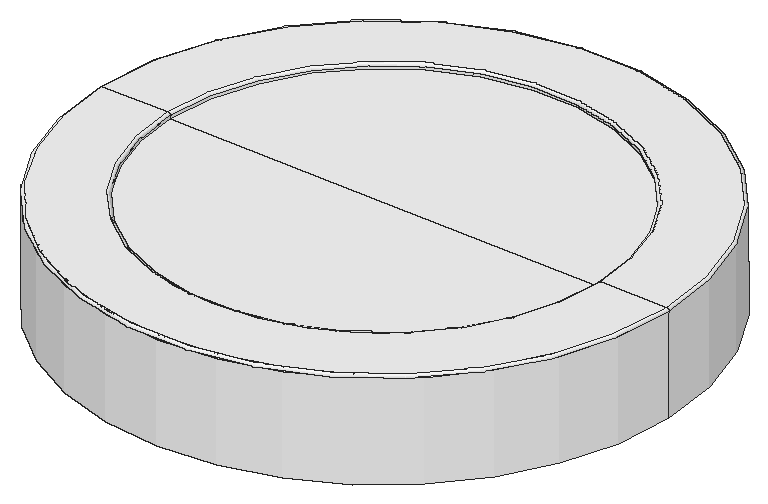
Revit family "0053902", category Lighting Fixtures, host Face, Revit 2016
Family settings
  Host = Face
  Part Type = Normal
  Round Connector Dimension = Use Diameter
  OmniClass Number = 23.80.70.00
  OmniClass Title = Lighting
  Cut with Voids When Loaded = No
  Light Source = Yes
  Shared = No
  Room Calculation Point = No
Parameters (values of type "0053902 ST eco Downlight Flat 226 1925lm 830 DIM S")
  Width_FEILO = 226 mm
  WidthDiffuser_FEILO = if(Square_FEILO, 168 mm, Width_FEILO / 1.3294)  # 170 mm
  Weight = "6.54 kg"
  Wattage Comments = ""
  Wattage = 20 W
  WarrantyStartDate [instance] = "n/a"
  WarrantyGuarantorParts = "n/a"
  WarrantyDurationUnit = "n/a"
  WarrantyDurationParts = "n/a"
  WarrantyDescription = "n/a"
  built-in parameter 1150110 = 1 (stored number, unit not read)
  Voltage = 230 V
  URL = "http://www.sylvania-lighting.com"
  TypeName = "ST eco Downlight Flat 226 1925lm 830 DIM S"
  Type Image = <None>
  Type Comments = "n/a"
  built-in parameter 1114217 = 1 (stored number, unit not read)
  Tilt Angle = -90.00°
  built-in parameter 1150109 = 1 (stored number, unit not read)
  built-in parameter 1150134 = (empty or 0)
  built-in parameter 1150113 = 1 (stored number, unit not read)
  Square_FEILO = no
  SerialNumber [instance] = "n/a"
  Round_FEILO = not(Square_FEILO)  # yes
  RadiusSquare_FEILO = 10 mm
  RadiusDiffuser_FEILO = 7 mm
  Photometric Web File = "0053902.ies"
  Material_3_FEILO = none
  PowerFactor = 0.9
  PowerConsumption = "20 W"
  NominalLength = 226 mm
  NominalHeight = 39 mm
  NominalDepth = 226 mm
  Name = "ST eco Downlight Flat 226 1925lm 830 DIM S"
  ModelReference = Name  # "ST eco Downlight Flat 226 1925lm 830 DIM S"
  ModelNumber = "0053902"
  Model = Name  # "ST eco Downlight Flat 226 1925lm 830 DIM S"
  Material = "aluminium housing, polystyrene diffuser"
  ManufacturerName = "Feilo Sylvania"
  Manufacturer = "Feilo Sylvania"
  LuminousEfficacy = "96.25 lm/W"
  built-in parameter 1150105 = 153.19 (stored number, unit not read)
  Lumens = 1925 lm
  LuminaireType = ""
  built-in parameter 1150115 = 1 (stored number, unit not read)
  LightOutputRatio = "n/a"
  built-in parameter 1150137 = (empty or 0)
  built-in parameter 1150139 = (empty or 0)
  LampsType = Lamp  # "LED"
  LampNominalLuminous = "1925 lm"
  LampMacAdamStep = "n/a"
  LampColourTemperature = "3000 K"
  LampColourRenderingIndex = "80"
  built-in parameter 1150112 = 1 (stored number, unit not read)
  built-in parameter 1150114 = 1 (stored number, unit not read)
  Lamp = "LED"
  Keynote = "16500"
  InstallationDate [instance] = "n/a"
  InputVoltage = "220-240V~"
  InputNominalFrequency = "50/60 Hz"
  built-in parameter 1150132 = (empty or 0)
  built-in parameter 1150102 = (empty or 0)
  built-in parameter 1150107 = 3000 (stored number, unit not read)
  built-in parameter 1150138 = (empty or 0)
  IngressProtection = "IP20"
  ImpactProtectionIndex = "IK06"
  built-in parameter 1150106 = 1.5319 (stored number, unit not read)
  IfcExportType = "IfcLightFixtureType"
  IfcExportAs = "IfcLightFixtureType"
  ExpectedLife = 50000
  Emit from Circle Diameter = WidthDiffuser_FEILO  # 170 mm
  Emit Shape Visible in Rendering = no
  ElectricShockClassification = "Class II"
  built-in parameter 1150104 = 8.9419 (stored number, unit not read)
  DurationUnit = "hours"
  DocumentationLiterature = "http://www.sylvania-lighting.com/product/en-int/products/0053902"
  DimmingControlOptions = "Dimmable"
  Material_2_FEILO = LED-Sylvania-SylflatSurface
  Dimming Lamp Color Temperature Shift = <None>
  Description = "Integrated LED surface mounted downlight providing 1940 fixture lumens at a wattage of 23W giving a high efficacy of 84lm/W. Fitting includes Leading/Trailing edge phase dimmable driver and has a round outer dimmension of of 226x226x39mm with an IP20 and IK02 rating providing uniform distribution with an Opal diffuser and 110° beam angle. Provided including a Loop in Loop out box and built with a white aluminium housing."
  Default Elevation = 1219.2 mm
  CreatedOn = "2/15/2018"
  CreatedBy = "aron.fodor@feilosylvania.com"
  Cost = 0
  Color Filter = 16777215
  built-in parameter 1114216 [instance] = (empty or 0)
  ClassificationValue = "EF_70_80"
  ClassificationName = "Uniclass2015"
  Material_1_FEILO = Body-Sylvania-SylflatSurface-White
  BarCode [instance] = "n/a"
  built-in parameter 1114218 = 1 (stored number, unit not read)
  built-in parameter 1150133 = 10 (stored number, unit not read)
  AssetType = "Fixed"
  AssetIdentifier [instance] = "n/a"
  Assembly Code = "D5020200"
  Apparent Load = 20 VA
  Material_4_FEILO = none
Reference planes
  plane 1 "Center (Front/Back)": y = 0
  plane 2: z = 0
  plane 3 "Center (Left/Right)": x = 0
  plane 4: x = 113
  plane 5: x = -113
  plane 6: y = 113
  plane 7: y = -113
  plane 8: x = -103
  plane 9: y = 103
  plane 10: x = 103
  plane 11: y = -103
  plane 12: y = 85
  plane 13: y = -85
  plane 14: x = 85
  plane 15: x = -85
  plane 16: x = -78
  plane 17: y = 78
  plane 18: x = 78
  plane 19: y = -78
  plane 20: z = 39
  plane 21: x = -112
  plane 22: z = 38
  plane 23: z = 37
  plane 24: x = -86
Forms (mm)
  Revolve 1, solid, material "Body-Sylvania-SylflatSurface-White" <- "Material_1_FEILO", visible <- "Round_FEILO"
    sketch origin (0, 0, 0) x (1, 0, 0) y (0, 0, 1)
      loop
        line (0, 0) -> (0, 37) -> (-85, 37) -> (-85, 38)
        arc (-85, 38) -> (-85.293, 38.707) -> (-86, 39) r 1
        line (-86, 39) -> (-112, 39)
        arc (-112, 39) -> (-112.707, 38.707) -> (-113, 38) r 1
        line (-113, 38) -> (-113, 0) -> (0, 0)
      axis (0, 39) -> (0, 0)
    angle from 360 to 0
  Extrusion 2, solid, material "Body-Sylvania-SylflatSurface-White" <- "Material_1_FEILO", visible <- "Square_FEILO"
    sketch origin (0, 0, 0) x (1, 0, 0) y (0, 1, 0)
      loop
        arc (-113, -103) -> (-110.071, -110.071) -> (-103, -113) r 10
        line (-103, -113) -> (103, -113)
        arc (103, -113) -> (110.071, -110.071) -> (113, -103) r 10
        line (113, -103) -> (113, 103)
        arc (113, 103) -> (110.071, 110.071) -> (103, 113) r 10
        line (103, 113) -> (-103, 113)
        arc (-103, 113) -> (-110.071, 110.071) -> (-113, 103) r 10
        line (-113, 103) -> (-113, -103)
      loop
        arc (-78, 85) -> (-82.95, 82.95) -> (-85, 78) r 7
        line (-85, 78) -> (-85, -78)
        arc (-85, -78) -> (-82.95, -82.95) -> (-78, -85) r 7
        line (-78, -85) -> (78, -85)
        arc (78, -85) -> (82.95, -82.95) -> (85, -78) r 7
        line (85, -78) -> (85, 78)
        arc (85, 78) -> (82.95, 82.95) -> (78, 85) r 7
        line (78, 85) -> (-78, 85)
    from 0 to 39
  Extrusion 3, solid, material "Body-Sylvania-SylflatSurface-White" <- "Material_1_FEILO", visible <- "Square_FEILO"
    sketch origin (0, 0, 0) x (1, 0, 0) y (0, 1, 0)
      loop
        arc (-78, 85) -> (-82.95, 82.95) -> (-85, 78) r 7
        line (-85, 78) -> (-85, -78)
        arc (-85, -78) -> (-82.95, -82.95) -> (-78, -85) r 7
        line (-78, -85) -> (78, -85)
        arc (78, -85) -> (82.95, -82.95) -> (85, -78) r 7
        line (85, -78) -> (85, 78)
        arc (85, 78) -> (82.95, 82.95) -> (78, 85) r 7
        line (78, 85) -> (-78, 85)
    from 0 to 37
Cuts and joins
  joined: Extrusion 2, Extrusion 3
Dimensions and locks
  equal spacing: plane 5, plane 3 "Center (Left/Right)", plane 4
  equal spacing: plane 7, plane 1 "Center (Front/Back)", plane 6
  "Width_FEILO": plane 7 to plane 6
  "Width_FEILO": plane 5 to plane 4
  equal spacing: plane 11, plane 1 "Center (Front/Back)", plane 9
  "RadiusSquare_FEILO": plane 9 to plane 6
  equal spacing: plane 8, plane 3 "Center (Left/Right)", plane 10
  "RadiusSquare_FEILO": plane 5 to plane 8
  equal spacing: plane 15, plane 3 "Center (Left/Right)", plane 14
  equal spacing: plane 13, plane 1 "Center (Front/Back)", plane 12
  "WidthDiffuser_FEILO": plane 13 to plane 12
  "WidthDiffuser_FEILO": plane 15 to plane 14
  equal spacing: plane 16, plane 3 "Center (Left/Right)", plane 18
  equal spacing: plane 19, plane 1 "Center (Front/Back)", plane 17
  "RadiusDiffuser_FEILO": plane 17 to plane 12
  "RadiusDiffuser_FEILO": plane 15 to plane 16
  locked: plane 20 to plane 2 at 39
  locked: plane 20 to plane 22 at 1
  locked: plane 21 to plane 5 at 1
  locked: plane 20 to plane 23 at 2
  locked: plane 15 to plane 24 at 1
  aligned and locked: plane 2 to host face
  aligned and locked: level to host face
  aligned and locked: Revolve 1 sketch curve to plane 3 "Center (Left/Right)"
  aligned and locked: Revolve 1 sketch curve to Revolve 1 sketch curve
  aligned and locked: Revolve 1 sketch curve to plane 20
  aligned and locked: Revolve 1 sketch curve to plane 5
  aligned and locked: Revolve 1 sketch curve to level
  aligned and locked: plane 23 to Revolve 1 sketch curve
  aligned and locked: plane 21 to Revolve 1 sketch curve
  aligned and locked: plane 20 to Revolve 1 sketch curve
  aligned and locked: plane 22 to Revolve 1 sketch curve  (x2)
  aligned and locked: plane 15 to Revolve 1 sketch curve
  aligned and locked: plane 24 to Revolve 1 sketch curve
  aligned and locked: plane 11 to Extrusion 2 sketch curve  (x3)
  aligned and locked: plane 5 to Extrusion 2 sketch curve  (x2)
  aligned and locked: plane 8 to Extrusion 2 sketch curve  (x4)
  aligned and locked: plane 7 to Extrusion 2 sketch curve
  aligned and locked: plane 4 to Extrusion 2 sketch curve  (x2)
  aligned and locked: plane 10 to Extrusion 2 sketch curve  (x4)
  aligned and locked: Extrusion 2 sketch curve to plane 6
  aligned and locked: plane 9 to Extrusion 2 sketch curve  (x3)
  aligned and locked: Extrusion 2 to level
  aligned and locked: Extrusion 2 to plane 20
  aligned and locked: plane 16 to Extrusion 2 sketch curve  (x3)
  aligned and locked: plane 12 to Extrusion 2 sketch curve  (x2)
  aligned and locked: plane 14 to Extrusion 2 sketch curve
  aligned and locked: plane 15 to Extrusion 2 sketch curve
  aligned and locked: plane 18 to Extrusion 2 sketch curve  (x4)
  aligned and locked: plane 17 to Extrusion 2 sketch curve  (x4)
  aligned and locked: plane 19 to Extrusion 2 sketch curve  (x4)
  aligned and locked: plane 13 to Extrusion 2 sketch curve
  aligned and locked: Extrusion 3 sketch curve to Extrusion 2  (x4)
  aligned and locked: Extrusion 3 to level
  aligned and locked: Extrusion 3 to plane 23
  aligned and locked: plane 3 "Center (Left/Right)" to imposter light
  aligned and locked: imposter light to plane 1 "Center (Front/Back)"
  aligned and locked: imposter light to plane 23
Automatic sketch dimensions
  host sketch curve to host sketch curve = 2438.4 mm  (x2)
  Revolve 1 sketch curve to plane 3 "Center (Left/Right)" = 0 mm
  Revolve 1 sketch curve to level = 609.6 mm
  Revolve 1 sketch curve to plane 20 = 2570.058 mm
Connectors
  electrical at (0, 0, 0), driven by "Apparent Load", driven by "PowerFactor", driven by "Voltage"
    settings: index 1, voltage 230 V, apparent load 20 VA, apparent load phase1 0 VA, apparent load phase2 0 VA, apparent load phase3 0 VA, power factor 0.9, load classification "Lighting", number of poles 1, system type 30, power factor state 1, is connector primary yes, connector utility no, sub classification motor no, connector description ""
